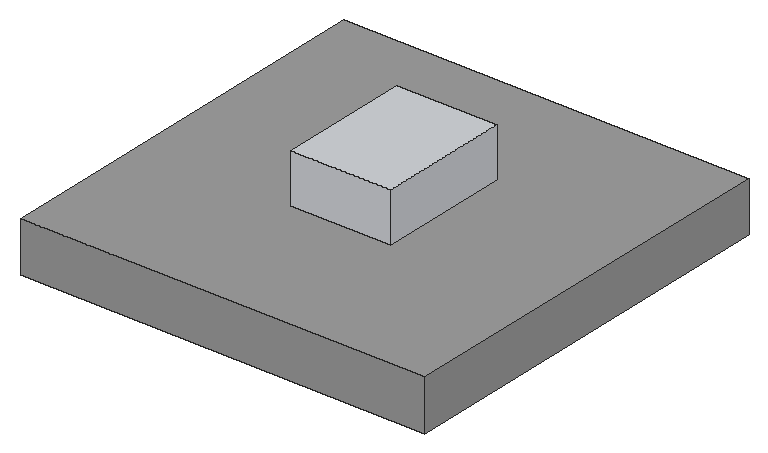
Revit family "Hager TPN DB IP65 GRP v2", category Electrical Equipment, host Face, Revit 2013
Parameters (values of type "TPN DB 125A 04 Way IP65 GRP")
  Supply Phase = "1,3"
  Packaging Weight = 2.00 kg
  Packaging Recyclable = yes
  Overall Width = 600 mm
  Warranty ID = "24 Months"
  Voltage = "415"
  Uimp Rating = 4000 V
  Ui Rating = 690 V
  URL = "www.hager.co.uk"
  built-in parameter 1140080 [instance] = "10kA Conditional"
  Revision = 2
  Product Weight = 24.90 kg
  Product Range = "Invicta 3 TPN DB Type B IP65 Insulated"
  Product Literature = "www.hager.co.uk/?artnr=JK104BF"
  Product Description = "JK1 TPN B Board 4x 63A TP Ways DB IP65 Insulated"
  Pollution Degree = 2
  Panel Name [instance] = "Invicta 3 TPN DB Type B 125A IP65 Insulated"
  Outging Ways (TP) = Max #3 Pole Breakers  # 4
  Number of Poles = 3
  Neutral Rating = 100.00%
  built-in parameter 1140081 [instance] = "Surface Wall Mounted"
  Model = "JK104BF"
  Max #3 Pole Breakers = 4
  built-in parameter 1140079 [instance] = 12
  Manufacturer Website = "www.hager.co.uk"
  Manufacturer = "Hager UK Ltd"
  Mains Type = "3 phase"
  built-in parameter 1140082 [instance] = 125 (stored number, unit not read)
  built-in parameter 1140140 = 63 (stored number, unit not read)
  Location of Manufacturer = "Telford, TF1 7FT"
  Location = "Outdoors"
  Keynote = ""
  Enclosure Rating = "IP65"
  Overall Length [instance] = 800 mm
  Hager Catalogue Ref = Model  # "JK104BF"
  Frequency = 50 Hz
  built-in parameter 1140083 [instance] = "Glass Reinforced Polyester (GRP)"
  EAN = "5015652251507"
  Door Type = "Single Plain Door"
  Door = 0 mm
  built-in parameter 1140064 [instance] = (empty or 0)
  Description = Product Description  # "JK1 TPN B Board 4x 63A TP Ways DB IP65 Insulated"
  Overall Height = 300 mm
  Default Elevation = 1200 mm
  Colour = "RAL7035 Light Grey"
  CE Approval = yes
  Busbar Rating = 125 A
  Reference Standard = "BS EN 61439-3"
Reference planes
  plane 1 "Center (Front/Back)": y = 470.263
  plane 2: z = 0
  plane 3 "Center (Left/Right)": x = 0
  plane 4: y = -329.737
  plane 5: x = -300
  plane 6: x = 300
  plane 7: z = 300
  plane 8: z = 300
  plane 9: z = -662
Forms (mm)
  Extrusion 1, solid, material "Default"
    sketch origin (0, 0, 0) x (1, 0, 0) y (0, 1, 0)
      loop
        line (-1219.2, 1219.2) -> (-1219.2, -1219.2) -> (1219.2, -1219.2) -> (1219.2, 1219.2) -> (-1219.2, 1219.2)
    from 0 to -304.8
  Extrusion 2, solid, detail levels fine
    sketch origin (0, 470.263, 0) x (1, 0, 0) y (0, 0, 1)
      loop
        line (300, 300) -> (-300, 300) -> (-300, 0) -> (300, 0) -> (300, 300)
    from 800 to 0
Dimensions and locks
  equal spacing: plane 5, plane 3 "Center (Left/Right)", plane 6
  "Overall Width": plane 5 to plane 6
  "Overall Length": plane 4 to plane 1 "Center (Front/Back)"
  "Overall Height": Extrusion 1 to plane 7
  "Door": plane 8 to plane 7
  locked: plane 7 to plane 9 at 962
  aligned and locked: plane 2 to Extrusion 1
  aligned and locked: level to Extrusion 1
  aligned and locked: Extrusion 2 sketch curve to plane 8
  aligned and locked: Extrusion 2 sketch curve to plane 5
  aligned and locked: Extrusion 2 sketch curve to level
  aligned and locked: plane 6 to Extrusion 2 sketch curve
  aligned and locked: Extrusion 2 to plane 4
  aligned and locked: Extrusion 2 to plane 1 "Center (Front/Back)"
  aligned and locked: plane 2 to nested 1
  aligned and locked: plane 5 to nested 1
  aligned and locked: plane 6 to nested 1
  aligned and locked: nested 1 to plane 7
Automatic sketch dimensions
  Extrusion 1 sketch curve to Extrusion 1 sketch curve = 2438.4 mm  (x2)
Nested families
  nested 1: "Distribution Board Annotation" at (-300, 470.263, 300) x (1, 0, 0) z (0, -1, 0), type "Distribution Board Annotation", detail levels coarse+medium
    with Width 300 mm, Length 600 mm
Connectors
  electrical at (0, -329.737, 150)
    settings: on Extrusion 2, index 1, voltage 0 V, apparent load 0 VA, apparent load phase1 0 VA, apparent load phase2 0 VA, apparent load phase3 0 VA, power factor 1, load classification "Other", number of poles 1, system type 31, power factor state 1, is connector primary yes, connector utility no, sub classification motor no, connector description ""
  cabletrayconduit at (0, -329.737, 150)
    settings: on Extrusion 2, index 2, connector width 300 mm, connector height 300 mm, connector radius 300 mm, connector angle 0.00°, system type 32, placement type 0, profile type 0, connector reference index -1, is primary connector yes, connector utility param no, connector description ""
  cabletrayconduit at (0, 470.263, 150)
    settings: on Extrusion 2, index 3, connector width 300 mm, connector height 300 mm, connector radius 300 mm, connector angle 0.00°, system type 32, placement type 0, profile type 0, connector reference index -1, is primary connector no, connector utility param no, connector description ""
Definition of nested family "Distribution Board Annotation"
  Parameters (values of type "Distribution Board Annotation")
    Width [instance] = 609.6 mm
    Length [instance] = 1219.2 mm
    Assembly Code = ""
  Reference planes
    plane 1 "Centre (Front/Back)": y = 0
    plane 2: z = 0
    plane 3 "Centre (Left/Right)": x = 0
    plane 4: y = -609.6
    plane 5: x = 1219.2
  Lines and regions (mm)
    Filled region 1, type "Solid Fill - Black", in view "Ref. Level"
      outline origin (0, 0, 0) x (1, 0, 0) y (0, 1, 0)
        loop
          line (0, 0) -> (1219.2, -609.6) -> (1219.2, 0) -> (0, 0)
    detail lines, in view "Ref. Level"
      curve 1: line (0, -609.6, 0) -> (1219.2, -609.6, 0)
      curve 2: line (1219.2, -609.6, 0) -> (1219.2, 0, 0)
      curve 3: line (0, -609.6, 0) -> (0, 0, 0)
      curve 4: line (0, 0, 0) -> (1219.2, 0, 0)
      curve 5: line (0, 0, 0) -> (1219.2, -609.6, 0)
  Dimensions and locks
    "Width": plane 4 to plane 1 "Centre (Front/Back)"
    "Length": plane 3 "Centre (Left/Right)" to plane 5
    aligned and locked: plane 3 "Centre (Left/Right)" to curve 1
    aligned and locked: curve 1 to plane 4
    aligned and locked: plane 5 to curve 2
    aligned and locked: plane 1 "Centre (Front/Back)" to curve 4
    aligned and locked: Filled region 1 sketch curve to curve 4
    aligned and locked: Filled region 1 sketch curve to curve 5
    aligned and locked: Filled region 1 sketch curve to curve 2
Types in the file's own list only (4): name | Overall Width | Product Weight | Product Literature | Product Description | Outging Ways (TP) | Model | Max #3 Pole Breakers | MCB Rating | Hager Catalogue Ref | EAN | Description
  TPN DB 125A 06 Way IP65 GRP | 600 mm | 25.00 kg | "www.hager.co.uk/?artnr=JK1046F" | "JK1 TPN B Board 6x 63A TP Ways DB IP65 Insulated" | 6 | "JK106BF" | 6 | 63 A | "JK106BF" | "5015652251576" | "JK1 TPN B Board 6x 63A TP Ways DB IP65 Insulated"
  TPN DB 125A 08 Way IP65 GRP | 600 mm | 25.40 kg | "www.hager.co.uk/?artnr=JK108BF" | "JK1 TPN B Board 8x 63A TP Ways DB IP65 Insulated" | 8 | "JK108BF" | 8 | 63 A | "JK108BF" | "5015652251644" | "JK1 TPN B Board 8x 63A TP Ways DB IP65 Insulated"
  TPN DB 125A 12 Way IP65 GRP | 850 mm | 36.00 kg | "www.hager.co.uk/?artnr=JK112BD" | "JK1 TPN B Board 12x 63A TP Ways DB IP65 Insulated" | 12 | "JK112BF" | 12 | 63 A | "JK112BF" | "5015652251774" | "JK1 TPN B Board 12x 63A TP Ways DB IP65 Insulated"
  TPN DB 125A 16 Way IP65 GRP | 850 mm | 40.00 kg | "www.hager.co.uk/?artnr=JK116BF" | "JK1 TPN B Board 16x 63A TP Ways DB IP65 Insulated" | 16 | "JK116BF" | 16 | 63 A | "JK116BF" | "5015652251835" | "JK1 TPN B Board 16x 63A TP Ways DB IP65 Insulated"
